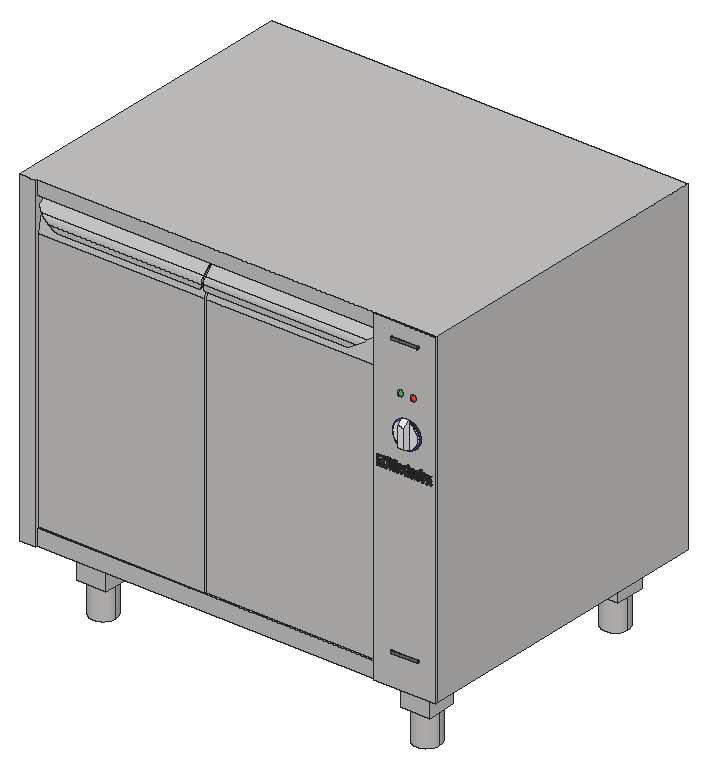
Revit family "QF_ELECTROLUXPROFESSIONAL_121831_TER2PE9", category Attrezzature speciali, Revit 2020
Family settings
  Quota connettore circolare = Usa diametro
  Tipo di parte = Normale
  Basato su piano di lavoro = No
  Sempre verticale = Sì
  Taglio con vuoti quando caricato = No
  Condiviso = No
  Punto di calcolo locali = No
Parameters (values of type "Standard")
  Weight = 30.00 kg
  Watts = 1600 W
  Volts = 230 V
  URL Manufacturer = "https://www.electroluxprofessional.com/"
  URL = "https://www.electroluxprofessional.com/"
  Steam Supply Size = 0 mm
  Steam Supply Minimum Pressure = 0.0 Pa
  Steam Supply Maximum Pressure = 0.0 Pa
  Steam Consumption per Hour = 0
  Refrigeration Suction Line Size = 0.0 mm
  Refrigeration Liquid Line Size = 0.0 mm
  Refrigerant Compressor Remote = yes
  Prospetto di default = 0.0 mm
  Phase = 1
  Modello = "TER2PE9"
  Produttore = "Electrolux Professional"
  Length Actual = 900.0 mm  # constant formula
  Item Number = "121831"
  Hot Water Size = 0 mm
  Height Actual = 860.0 mm  # constant formula
  HP = "2.1 HP"
  Gas Size = 0 mm
  Gas KW = 0
  Gas Input Pressure = 0 W
  Direct Waste Size = 0 mm
  Descrizione = "HOT CUPBOARD WITH 2 HINGED DOORS 900MM"
  Depth Actual = 680.0 mm  # constant formula
  Cycle = 50 Hz
  Condensate Return Size = 0 mm
  Compressed Air Volume = 0.0 L/s
  Compressed Air Size = 0 mm
  Compressed Air Pressure = 0.0 Pa
  Cold Water Size = 0 mm
  Accessory = yes
Reference planes
  plane 1 "Center (Front/Back)": y = 0
  plane 2: z = 0
  plane 3 "Center (Left/Right)": x = -300
  plane 4 "LEFT": x = -750
  plane 5 "RIGHT": x = 150
  plane 6 "BACK": y = 340
  plane 7 "FRONT": y = -340
  plane 8 "Base": z = 860
  plane 9 "TOP": z = 900
  plane 10: x = -650
  plane 11: x = 50
  plane 12: y = 270
  plane 13: y = -240
  plane 14 "FEET": z = 150
  plane 15: x = 152.5
  plane 16: x = -716
  plane 17: y = -337
  plane 18: y = 310
  plane 19: x = 16
  plane 20 "EIy": x = 118
  plane 21 "EIx": y = -90
Forms (mm)
  Extrusion 1, solid, material "QF_Finishes_Stainless Steel"
    sketch origin (0, 0, 150) x (-1, 0, 0) y (0, -1, 0)
      loop
        line (750, -340) -> (750, 340) -> (716, 340) -> (716, -340) -> (750, -340)
      loop
        line (-16, -340) -> (-16, 337) -> (-150, 337) -> (-150, -340) -> (-16, -340)
    from 0 to 710
  Extrusion 2, solid, material "QF_Finishes_Stainless Steel"
    sketch origin (0, 0, 150) x (-1, 0, 0) y (0, -1, 0)
      loop
        line (716, -310) -> (716, 337) -> (-16, 337) -> (-16, -310) -> (716, -310)
    from 0 to 35
  Extrusion 3, solid, material "QF_Finishes_Stainless Steel"
    sketch origin (0, 0, 0) x (1, 0, 0) y (0, 1, 0)
      loop
        line (-716, -337) -> (16, -337) -> (16, 340) -> (-716, 340) -> (-716, -337)
    from 830 to 860
  Extrusion 4, solid, material "QF_Finishes_Stainless Steel"
    sketch origin (0, 0, 150) x (-1, 0, 0) y (0, -1, 0)
      loop
        line (716, -340) -> (716, -310) -> (-16, -310) -> (-16, -340) -> (716, -340)
    from 680 to 0
  Extrusion 5, solid, material "QF_Finishes_Stainless Steel"
    sketch origin (0, -340, 0) x (-1, 0, 0) y (0, 0, 1)
      loop
        line (301, 185) -> (301, 187) -> (299, 187) -> (299, 185) -> (301, 185)
    from 45 to 43
  Extrusion 6, solid, material "QF_Finishes_Stainless Steel"
    sketch origin (0, 0, 150) x (-1, 0, 0) y (0, -1, 0)
      loop
        circle (-118, 90) r 10
    from 0 to -5
Cuts and joins
  joined: Extrusion 1, Extrusion 3, Extrusion 4
Lines and regions (mm)
  symbolic lines, style "SpecialityEquipmentHiddenLines"
    curve 1: line (150, 340, 900) -> (-750, 340, 900)
    curve 2: line (150, -340, 900) -> (150, 340, 900)
    curve 3: line (-750, -344.5, 150) -> (-750, 340, 150)
    curve 4: line (-750, -340, 150) -> (-716, -340, 150)
    curve 5: line (-716, -340, 150) -> (-716, -337, 150)
    curve 6: line (-716, -337, 150) -> (16, -337, 150)
    curve 7: line (16, -337, 150) -> (16, -340, 150)
    curve 8: line (16, -340, 150) -> (150, -340, 150)
Dimensions and locks
  plane 4 "LEFT" to plane 5 "RIGHT" = 900.0 mm
  equal spacing: plane 4 "LEFT", plane 3 "Center (Left/Right)", plane 5 "RIGHT"
  plane 6 "BACK" to plane 7 "FRONT" = 680.0 mm
  equal spacing: plane 6 "BACK", plane 1 "Center (Front/Back)", plane 7 "FRONT"
  locked: plane 14 "FEET" to level at 150
  locked: plane 4 "LEFT" to plane 10 at 100
  locked: plane 11 to plane 5 "RIGHT" at 100
  locked: plane 4 "LEFT" to plane 16 at 34
  plane 17 to plane 7 "FRONT" = 3.0 mm
  plane 6 "BACK" to plane 18 = 30.0 mm
  locked: plane 6 "BACK" to plane 12 at 70
  locked: plane 13 to plane 7 "FRONT" at 100
  locked: plane 8 "Base" to level at 860
  locked: plane 9 "TOP" to level at 900
  plane 19 to plane 5 "RIGHT" = 134.0 mm
  plane 20 "EIy" to plane 5 "RIGHT" = 32.0 mm
  plane 21 "EIx" to plane 7 "FRONT" = 250.0 mm
  aligned and locked: level to plane 2
  aligned and locked: plane 10 to nested 1
  aligned and locked: plane 11 to nested 2
  aligned and locked: nested 4 to plane 12
  aligned and locked: plane 10 to nested 3
  aligned and locked: nested 3 to plane 12
  aligned and locked: plane 8 "Base" to Extrusion 1
  aligned and locked: plane 6 "BACK" to Extrusion 1 sketch curve
  aligned and locked: Extrusion 1 sketch curve to plane 6 "BACK"
  aligned and locked: Extrusion 1 sketch curve to plane 7 "FRONT"
  aligned and locked: plane 16 to Extrusion 1
  aligned and locked: Extrusion 2 to plane 16
  aligned and locked: plane 8 "Base" to Extrusion 3
  aligned and locked: Extrusion 2 to plane 17
  aligned and locked: Extrusion 2 to plane 18
  aligned and locked: Extrusion 3 to plane 17
  aligned and locked: plane 16 to Extrusion 4 sketch curve
  aligned and locked: Extrusion 4 sketch curve to plane 6 "BACK"
  aligned and locked: Extrusion 4 sketch curve to plane 18
  aligned and locked: Extrusion 4 to Extrusion 3
  aligned and locked: Extrusion 4 to plane 14 "FEET"
  aligned and locked: plane 6 "BACK" to Extrusion 3
  aligned and locked: nested 1 to plane 13
  aligned and locked: nested 2 to plane 13
  aligned and locked: plane 19 to Extrusion 3
  aligned and locked: Extrusion 2 sketch curve to plane 19
Automatic sketch dimensions
  curve 2 to plane 5 "RIGHT" = 0.0 mm
  curve 2 to plane 7 "FRONT" = 0.0 mm
  curve 1 to plane 4 "LEFT" = 0.0 mm
  curve 1 to plane 6 "BACK" = 0.0 mm
  Extrusion 2 sketch curve to plane 16 = 0.0 mm
  plane 18 to Extrusion 2 sketch curve = 0.0 mm
  Extrusion 2 sketch curve to plane 17 = 0.0 mm
  curve 8 to plane 5 "RIGHT" = 0.0 mm
  curve 8 to plane 7 "FRONT" = 0.0 mm
  curve 6 to plane 16 = 0.0 mm
  curve 3 to plane 4 "LEFT" = 0.0 mm
  curve 3 to plane 6 "BACK" = 0.0 mm
  curve 6 to plane 17 = 0.0 mm
  curve 4 to plane 7 "FRONT" = 0.0 mm
  curve 4 to curve 3 = 4.5 mm
  Extrusion 3 sketch curve to plane 16 = 0.0 mm
  Extrusion 3 sketch curve to plane 17 = 0.0 mm
  Extrusion 3 sketch curve to plane 18 = 30.0 mm
  curve 8 to curve 8 = 134.0 mm
  Extrusion 3 sketch curve to plane 5 "RIGHT" = 134.0 mm
  Extrusion 4 sketch curve to plane 5 "RIGHT" = 134.0 mm
  Extrusion 1 sketch curve to plane 5 "RIGHT" = 0.0 mm
  Extrusion 1 sketch curve to plane 17 = 0.0 mm
  Extrusion 1 sketch curve to plane 16 = 0.0 mm
  Extrusion 1 sketch curve to plane 4 "LEFT" = 0.0 mm
  Extrusion 1 sketch curve to Extrusion 1 sketch curve = 134.0 mm
  Extrusion 5 sketch curve to plane 3 "Center (Left/Right)" = 1.0 mm
  Extrusion 5 sketch curve to Extrusion 5 sketch curve = 2.0 mm  (x2)
  plane 14 "FEET" to Extrusion 5 sketch curve = 35.0 mm
  Extrusion 6 sketch curve to plane 20 "EIy" = 0.0 mm
  Extrusion 6 sketch curve to plane 21 "EIx" = 0.0 mm
  radius of Extrusion 6 sketch curve = 10.0 mm
Nested families
  nested 1: "FEET_L63-150" at (-650, -240, 0), type "FEET_L63-150"
  nested 2: "FEET_L63-150" at (50, -240, 0), type "FEET_L63-150"
  nested 3: "FEET_L63-150" at (-650, 270, 0), type "FEET_L63-150"
  nested 4: "FEET_L63-150" at (50, 270, 0), type "FEET_L63-150"
  nested 5: "PANEL_ELX_HOTCUP_134" at (46.958, -337, 150) x (1, 0, 0) z (0, -1, 0), type "PANEL_ELX_HOTCUP_134"
    with Width 134.0 mm, Show Clearance yes
  nested 6: "H637_800_2DOORS" at (-313.958, -297, 150) x (-1, 0, 0) z (0, -1, 0), type "H637_800_2DOORS"
    with Width 800.0 mm, Show Clearance yes
Connectors
  electrical at (118, -90, 145), driven by "Volts"
    settings: on Extrusion 6, index 1, voltage 230 V, apparent load 0 VA, apparent load phase1 0 VA, apparent load phase2 0 VA, apparent load phase3 0 VA, power factor 1, load classification "Other", number of poles 1, system type 30, power factor state 1, is connector primary yes, connector utility no, sub classification motor no, connector description "Electrical Connection"
Definition of nested family "FEET_L63-150"
  Parameters
    Default Elevation = 0.0 mm
    FEET = 150.0 mm
  Reference planes
    plane 1 "Center (Front/Back)": y = 0
    plane 2: z = 0
    plane 3 "Center (Left/Right)": x = 0
    plane 4: z = 150
  Forms (mm)
    Extrusion 1, solid
      sketch origin (0, 0, 0) x (1, 0, 0) y (0, 1, 0)
        loop
          circle (0, 0) r 28
      from 0 to 67
    Extrusion 2, solid
      sketch origin (0, 0, 0) x (1, 0, 0) y (0, 1, 0)
        loop
          line (31.561, 31.5) -> (-31.439, 31.5) -> (-31.439, -31.5) -> (31.561, -31.5) -> (31.561, 31.5)
      from 67 to 150 <- "FEET"
  Lines and regions (mm)
    symbolic lines
      curve 1: line (0, -1.503, 0) -> (0, 1.508, 0)
      curve 2: line (1.561, 0, 0) -> (-1.439, 0, 0)
  Dimensions and locks
    "FEET": plane 4 to plane 2
    aligned and locked: level to plane 2
  Automatic sketch dimensions
    plane 1 "Center (Front/Back)" to Extrusion 1 sketch curve = 0.0 mm
    Extrusion 1 sketch curve to plane 3 "Center (Left/Right)" = 0.0 mm
    plane 1 "Center (Front/Back)" to curve 2 = 0.0 mm
    curve 1 to plane 3 "Center (Left/Right)" = 0.0 mm
    curve 2 to plane 3 "Center (Left/Right)" = 1.439 mm
    plane 3 "Center (Left/Right)" to curve 2 = 1.561 mm
    plane 1 "Center (Front/Back)" to curve 1 = 1.503 mm
    curve 1 to plane 1 "Center (Front/Back)" = 1.508 mm
    Extrusion 2 sketch curve to plane 1 "Center (Front/Back)" = 31.5 mm
    Extrusion 2 sketch curve to plane 3 "Center (Left/Right)" = 31.439 mm
    plane 3 "Center (Left/Right)" to Extrusion 2 sketch curve = 31.561 mm
    plane 1 "Center (Front/Back)" to Extrusion 2 sketch curve = 31.5 mm
    radius of Extrusion 1 sketch curve = 28.0 mm
Definition of nested family "PANEL_ELX_HOTCUP_134"
  Parameters
    Width [instance] = 134.0 mm
    Show Clearance [instance] = yes
    Model = "727995"
    Height = 710.0 mm
    Default Elevation = 0.0 mm
  Reference planes
    plane 1 "Center (Front/Back)": y = 0
    plane 2: z = 0
    plane 3 "Center (Left/Right)": x = 36.042
    plane 4 "panel": z = 3
    plane 5 "Left": x = -30.958
    plane 6 "Right": x = 103.042
    plane 7: y = 710
    plane 8 "L1": x = 26.042
    plane 9 "L2": x = 54.042
    plane 10: y = 575
  Forms (mm)
    Extrusion 1, solid
      sketch origin (0, -919.2, 0) x (1, 0, 0) y (0, 1, 0)
        loop
          line (-980.5, 2119.2) -> (-980.5, -162.846) -> (881.94, -162.846) -> (881.94, 2119.2) -> (-980.5, 2119.2)
      from 0 to -59.546
    Extrusion 2, solid
      sketch origin (36.042, -190, 0) x (0, 1, 0) y (0, 0, 1)
        loop
          line (190, 3) -> (190, 0) -> (900, 0) -> (900, 3) -> (190, 3)
      from 67 to -67
    Extrusion 3, solid
      sketch origin (0, 0, 0) x (1, 0, 0) y (0, 1, 0)
        loop
          line (9.042, 673.5) -> (63.042, 673.5)
          arc (63.042, 673.5) -> (66.042, 676.5) -> (63.042, 679.5) r 3
          line (63.042, 679.5) -> (9.042, 679.5)
          arc (9.042, 679.5) -> (6.042, 676.5) -> (9.042, 673.5) r 3
        loop
          line (9.042, 65) -> (63.042, 65)
          arc (63.042, 65) -> (66.042, 68) -> (63.042, 71) r 3
          line (63.042, 71) -> (9.042, 71)
          arc (9.042, 71) -> (6.042, 68) -> (9.042, 65) r 3
      from 3 to 4.6
    Extrusion 4, solid
      sketch origin (0, 0, 0) x (1, 0, 0) y (0, 1, 0)
        loop
          circle (40.042, 500) r 30
      from 0 to 5
    Extrusion 5, solid
      sketch origin (0, 0, 0) x (1, 0, 0) y (0, 1, 0)
        loop
          circle (40.042, 500) r 26.788
      from 7 to 5
    Blend 6, solid
      base sketch origin (0, 0, 0) x (1, 0, 0) y (0, 1, 0)
        loop
          arc (48.106, 530.45) -> (40.022, 531.5) -> (31.94, 530.44) r 31.5
          line (31.94, 530.44) -> (31.94, 474.458)
          arc (31.94, 474.458) -> (40.023, 473.209) -> (48.106, 474.454) r 26.815
          line (48.106, 474.454) -> (48.106, 530.45)
      top sketch origin (0, 0, 0) x (1, 0, 0) y (0, 1, 0)
        loop
          arc (47.007, 520.889) -> (40.042, 522.019) -> (33.077, 520.889) r 22.019
          line (33.077, 520.889) -> (33.077, 480.699)
          arc (33.077, 480.699) -> (40.042, 479.481) -> (47.007, 480.699) r 20.519
          line (47.007, 480.699) -> (47.007, 520.889)
      from 7 to 20
    Revolve 7, solid
      sketch origin (26.042, 0, 0) x (0, 1, 0) y (0, 0, 1)
        loop
          line (575, 3) -> (581, 3)
          arc (581, 3) -> (578.606, 5.908) -> (575, 7) r 6.5
          line (575, 7) -> (575, 3)
        axis (575, 7) -> (575, 3)
      angle from 0 to 360
    Revolve 8, solid
      sketch origin (54.042, 0, 0) x (0, 1, 0) y (0, 0, 1)
        loop
          line (575, 3) -> (581, 3)
          arc (581, 3) -> (578.606, 5.908) -> (575, 7) r 6.5
          line (575, 7) -> (575, 3)
        axis (575, 7) -> (575, 3)
      angle from 0 to 360
  Dimensions and locks
    plane 4 "panel" to level = 3.0 mm
    "Width": plane 5 "Left" to plane 6 "Right"
    equal spacing: plane 5 "Left", plane 3 "Center (Left/Right)", plane 6 "Right"
    "Height": plane 1 "Center (Front/Back)" to plane 7
    aligned and locked: plane 2 to Extrusion 1
    aligned and locked: level to Extrusion 1
    aligned and locked: plane 7 to Extrusion 2
    aligned and locked: plane 6 "Right" to Extrusion 2
    aligned and locked: Extrusion 2 to plane 5 "Left"
    aligned and locked: plane 1 "Center (Front/Back)" to Extrusion 2
  Automatic sketch dimensions
    Extrusion 1 sketch curve to Extrusion 1 sketch curve = 1862.44 mm
    Extrusion 1 sketch curve to Extrusion 1 sketch curve = 2282.046 mm
    Extrusion 2 sketch curve to plane 1 "Center (Front/Back)" = 0.0 mm
    Extrusion 2 sketch curve to level = 0.0 mm
    Extrusion 2 sketch curve to plane 7 = 0.0 mm
    Extrusion 2 sketch curve to plane 4 "panel" = 0.0 mm
    Extrusion 3 sketch curve to plane 8 "L1" = 17.0 mm  (x2)
    plane 9 "L2" to Extrusion 3 sketch curve = 9.0 mm  (x2)
    Extrusion 3 sketch curve to plane 1 "Center (Front/Back)" = 65.0 mm
    Extrusion 3 sketch curve to Extrusion 3 sketch curve = 3.0 mm  (x2)
    Extrusion 3 sketch curve to plane 7 = 36.5 mm
    plane 3 "Center (Left/Right)" to Extrusion 4 sketch curve = 4.0 mm
    Extrusion 4 sketch curve to plane 10 = 75.0 mm
    plane 3 "Center (Left/Right)" to Extrusion 5 sketch curve = 4.0 mm
    Extrusion 5 sketch curve to plane 10 = 75.0 mm
    Blend 6 sketch curve to plane 3 "Center (Left/Right)" = 4.102 mm
    plane 3 "Center (Left/Right)" to Blend 6 sketch curve = 3.988 mm
    Blend 6 sketch curve to Blend 6 sketch curve = 0.012 mm
    Blend 6 sketch curve to plane 9 "L2" = 5.936 mm
    Blend 6 sketch curve to plane 10 = 100.546 mm
    Blend 6 sketch curve to Blend 6 sketch curve = 0.004 mm
    Blend 6 sketch curve to Blend 6 sketch curve = 0.024 mm
    Blend 6 sketch curve to Blend 6 sketch curve = 30.416 mm
    Blend 6 sketch curve to Blend 6 sketch curve = 0.0 mm  (x2)
    Blend 6 sketch curve to plane 3 "Center (Left/Right)" = 2.965 mm
    plane 3 "Center (Left/Right)" to Blend 6 sketch curve = 4.0 mm
    Blend 6 sketch curve to plane 9 "L2" = 7.035 mm
    Blend 6 sketch curve to plane 10 = 94.301 mm
    Blend 6 sketch curve to Blend 6 sketch curve = 19.301 mm
    Blend 6 sketch curve to Blend 6 sketch curve = 20.889 mm
    Revolve 7 sketch curve to plane 4 "panel" = 0.0 mm
    Revolve 7 sketch curve to plane 10 = 0.0 mm  (x2)
    plane 10 to Revolve 7 sketch curve = 6.0 mm
    level to Revolve 7 sketch curve = 0.5 mm
    Revolve 7 sketch curve to Revolve 7 sketch curve = 0.57 mm
    Revolve 7 sketch curve to Revolve 7 sketch curve = 2.941 mm
    Revolve 8 sketch curve to plane 4 "panel" = 0.0 mm
    Revolve 8 sketch curve to plane 10 = 0.0 mm  (x2)
    plane 10 to Revolve 8 sketch curve = 6.0 mm
    level to Revolve 8 sketch curve = 0.5 mm
    Revolve 8 sketch curve to Revolve 8 sketch curve = 0.57 mm
    Revolve 8 sketch curve to Revolve 8 sketch curve = 2.941 mm
    radius of Extrusion 4 sketch curve = 30.0 mm
    radius of Extrusion 5 sketch curve = 26.788 mm
  Nested families
    nested 1: "ELX_Professional_Logo_Small" at (36.042, 430.35, 3), type "ELX_Professional_Logo_Small"
      with Show Logo yes, Material_Logo none
  Definition of nested family "ELX_Professional_Logo_Small"
    Parameters
      Show Logo [instance] = yes
      Material_Logo [instance] = none
      Default Elevation = 0.0 mm
    Reference planes
      plane 1 "Centro (Fronte/Retro)": y = 0
      plane 2: z = 0
      plane 3 "Centro (Sinistra/Destra)": x = 0
    Forms (mm)
      Extrusion 1, solid
        sketch origin (0, 0, 0) x (1, 0, 0) y (0, 1, 0)
          loop
            line (-1219.2, 1219.2) -> (-1219.2, -1219.2) -> (1219.2, -1219.2) -> (1219.2, 1219.2) -> (-1219.2, 1219.2)
        from 0 to -304.8
      Extrusion 2, solid, material <- "Material_Logo"
        sketch origin (15.5, 0, 0) x (1, 0, 0) y (0, 1, 0)
          loop
            spline (-42.99, -1.24) -> (-43.195, -1.231) -> (-43.415, -1.203) -> (-43.642, -1.152) -> (-43.87, -1.074) -> (-44.095, -0.966) -> (-44.309, -0.825) -> (-44.506, -0.647) -> (-44.681, -0.429) -> (-44.828, -0.167) -> (-44.94, 0.142) -> (-45.011, 0.501) -> (-45.037, 0.915)
            line (-45.037, 0.915) -> (-45.037, 2.748) -> (-38.984, 2.748) -> (-38.984, 5.086) -> (-45.038, 5.086) -> (-45.038, 8.489) -> (-38.599, 8.489) -> (-38.599, 10.82) -> (-47.515, 10.82) -> (-47.515, 1.021)
            spline (-47.515, 1.021) -> (-47.493, 0.418) -> (-47.425, -0.15) -> (-47.311, -0.682) -> (-47.15, -1.175) -> (-46.939, -1.628) -> (-46.678, -2.038) -> (-46.365, -2.404) -> (-46, -2.723) -> (-45.58, -2.995) -> (-45.105, -3.216) -> (-44.573, -3.385) -> (-43.983, -3.499)
            line (-43.983, -3.499) -> (-43.01, -3.569) -> (-38.426, -3.569) -> (-38.426, -1.24) -> (-42.99, -1.24)
          loop
            line (-36.666, 4.021) -> (-36.666, -3.573) -> (-34.188, -3.573) -> (-34.188, 10.824) -> (-36.666, 10.824) -> (-36.666, 4.021)
          loop
            spline (-21.915, 1.897) -> (-21.957, 2.615) -> (-22.082, 3.303) -> (-22.285, 3.955) -> (-22.563, 4.564) -> (-22.913, 5.124) -> (-23.331, 5.629) -> (-23.814, 6.074) -> (-24.359, 6.451) -> (-24.961, 6.755) -> (-25.618, 6.98) -> (-26.326, 7.119) -> (-27.081, 7.167)
            spline (-27.081, 7.167) -> (-27.853, 7.122) -> (-28.586, 6.99) -> (-29.275, 6.774) -> (-29.915, 6.478) -> (-30.5, 6.104) -> (-31.024, 5.657) -> (-31.483, 5.138) -> (-31.871, 4.553) -> (-32.182, 3.904) -> (-32.411, 3.194) -> (-32.552, 2.427) -> (-32.6, 1.606)
            spline (-32.6, 1.606) -> (-32.553, 0.805) -> (-32.416, 0.057) -> (-32.193, -0.637) -> (-31.887, -1.271) -> (-31.504, -1.843) -> (-31.048, -2.35) -> (-30.523, -2.788) -> (-29.934, -3.154) -> (-29.284, -3.444) -> (-28.579, -3.656) -> (-27.822, -3.785) -> (-27.019, -3.829)
            spline (-27.019, -3.829) -> (-26.627, -3.82) -> (-26.239, -3.79) -> (-25.856, -3.739) -> (-25.477, -3.663) -> (-25.103, -3.562) -> (-24.734, -3.432) -> (-24.369, -3.273) -> (-24.01, -3.082) -> (-23.655, -2.858) -> (-23.305, -2.597) -> (-22.96, -2.299) -> (-22.621, -1.962)
            line (-22.621, -1.962) -> (-24.114, -0.509)
            spline (-24.114, -0.509) -> (-24.311, -0.699) -> (-24.509, -0.872) -> (-24.71, -1.03) -> (-24.915, -1.172) -> (-25.126, -1.297) -> (-25.346, -1.407) -> (-25.576, -1.5) -> (-25.817, -1.576) -> (-26.072, -1.636) -> (-26.342, -1.678) -> (-26.629, -1.704) -> (-26.936, -1.713)
            spline (-26.936, -1.713) -> (-27.384, -1.691) -> (-27.805, -1.625) -> (-28.196, -1.518) -> (-28.556, -1.372) -> (-28.882, -1.187) -> (-29.174, -0.966) -> (-29.429, -0.71) -> (-29.645, -0.422) -> (-29.821, -0.102) -> (-29.955, 0.247) -> (-30.045, 0.623) -> (-30.089, 1.026)
            line (-30.089, 1.026) -> (-21.956, 1.026) -> (-21.915, 1.897)
          loop
            spline (-24.446, 2.769) -> (-24.47, 3.075) -> (-24.54, 3.37) -> (-24.654, 3.65) -> (-24.807, 3.913) -> (-24.996, 4.156) -> (-25.219, 4.376) -> (-25.472, 4.57) -> (-25.753, 4.736) -> (-26.057, 4.869) -> (-26.382, 4.968) -> (-26.724, 5.03) -> (-27.081, 5.051)
            spline (-27.081, 5.051) -> (-27.464, 5.03) -> (-27.832, 4.97) -> (-28.183, 4.872) -> (-28.513, 4.74) -> (-28.819, 4.577) -> (-29.099, 4.384) -> (-29.347, 4.165) -> (-29.563, 3.923) -> (-29.742, 3.659) -> (-29.881, 3.377) -> (-29.977, 3.079) -> (-30.027, 2.769)
            line (-30.027, 2.769) -> (-24.446, 2.769)
          loop
            spline (-18.167, 1.669) -> (-18.138, 2.13) -> (-18.055, 2.567) -> (-17.921, 2.978) -> (-17.739, 3.358) -> (-17.512, 3.705) -> (-17.243, 4.016) -> (-16.937, 4.287) -> (-16.596, 4.517) -> (-16.223, 4.7) -> (-15.823, 4.835) -> (-15.398, 4.919) -> (-14.951, 4.947)
            spline (-14.951, 4.947) -> (-14.677, 4.938) -> (-14.414, 4.913) -> (-14.162, 4.871) -> (-13.921, 4.812) -> (-13.69, 4.738) -> (-13.467, 4.649) -> (-13.254, 4.544) -> (-13.048, 4.424) -> (-12.85, 4.291) -> (-12.659, 4.143) -> (-12.474, 3.981) -> (-12.295, 3.806)
            line (-12.295, 3.806) -> (-10.76, 5.403)
            spline (-10.76, 5.403) -> (-11.065, 5.709) -> (-11.38, 5.984) -> (-11.703, 6.228) -> (-12.035, 6.443) -> (-12.375, 6.63) -> (-12.723, 6.788) -> (-13.078, 6.92) -> (-13.44, 7.026) -> (-13.809, 7.107) -> (-14.184, 7.164) -> (-14.564, 7.198) -> (-14.951, 7.209)
            spline (-14.951, 7.209) -> (-15.725, 7.161) -> (-16.467, 7.02) -> (-17.169, 6.792) -> (-17.826, 6.482) -> (-18.43, 6.096) -> (-18.976, 5.637) -> (-19.455, 5.112) -> (-19.862, 4.525) -> (-20.19, 3.882) -> (-20.433, 3.189) -> (-20.584, 2.449) -> (-20.635, 1.669)
            spline (-20.635, 1.669) -> (-20.584, 0.889) -> (-20.433, 0.149) -> (-20.19, -0.545) -> (-19.862, -1.187) -> (-19.455, -1.774) -> (-18.976, -2.299) -> (-18.43, -2.758) -> (-17.826, -3.145) -> (-17.169, -3.454) -> (-16.467, -3.682) -> (-15.725, -3.823) -> (-14.951, -3.871)
            spline (-14.951, -3.871) -> (-14.564, -3.86) -> (-14.184, -3.826) -> (-13.809, -3.77) -> (-13.44, -3.689) -> (-13.078, -3.583) -> (-12.723, -3.451) -> (-12.375, -3.292) -> (-12.035, -3.105) -> (-11.703, -2.89) -> (-11.38, -2.646) -> (-11.065, -2.371) -> (-10.76, -2.066)
            line (-10.76, -2.066) -> (-12.295, -0.468)
            spline (-12.295, -0.468) -> (-12.474, -0.643) -> (-12.659, -0.805) -> (-12.85, -0.953) -> (-13.048, -1.087) -> (-13.254, -1.206) -> (-13.467, -1.311) -> (-13.69, -1.4) -> (-13.921, -1.475) -> (-14.162, -1.533) -> (-14.414, -1.575) -> (-14.677, -1.6) -> (-14.951, -1.609)
            spline (-14.951, -1.609) -> (-15.398, -1.581) -> (-15.823, -1.497) -> (-16.223, -1.362) -> (-16.596, -1.179) -> (-16.937, -0.95) -> (-17.243, -0.678) -> (-17.512, -0.367) -> (-17.739, -0.02) -> (-17.921, 0.36) -> (-18.055, 0.771) -> (-18.138, 1.208) -> (-18.167, 1.669)
          loop
            spline (-4.441, -1.243) -> (-4.659, -1.247) -> (-4.894, -1.23) -> (-5.137, -1.19) -> (-5.384, -1.121) -> (-5.628, -1.021) -> (-5.864, -0.884) -> (-6.084, -0.708) -> (-6.283, -0.488) -> (-6.454, -0.219) -> (-6.592, 0.101) -> (-6.69, 0.478) -> (-6.742, 0.914)
            line (-6.742, 0.914) -> (-6.742, 4.587) -> (-4.487, 4.587) -> (-4.487, 6.838) -> (-6.738, 6.838) -> (-6.738, 10.824) -> (-9.217, 10.824) -> (-9.217, 0.773)
            spline (-9.217, 0.773) -> (-9.164, 0.19) -> (-9.068, -0.358) -> (-8.928, -0.87) -> (-8.742, -1.343) -> (-8.511, -1.777) -> (-8.232, -2.168) -> (-7.904, -2.515) -> (-7.527, -2.816) -> (-7.098, -3.069) -> (-6.618, -3.273) -> (-6.084, -3.426) -> (-5.496, -3.525)
            line (-5.496, -3.525) -> (-4.45, -3.573) -> (-4.441, -1.243)
          loop
            spline (3.898, 6.983) -> (3.469, 7.009) -> (3.056, 7.001) -> (2.661, 6.961) -> (2.283, 6.888) -> (1.925, 6.785) -> (1.588, 6.652) -> (1.272, 6.49) -> (0.979, 6.301) -> (0.71, 6.085) -> (0.465, 5.844) -> (0.247, 5.578) -> (0.056, 5.289)
            line (0.056, 5.289) -> (0.056, 6.838) -> (-2.402, 6.838) -> (-2.402, -3.572) -> (0.056, -3.572) -> (0.056, 1.901)
            spline (0.056, 1.901) -> (0.079, 2.316) -> (0.145, 2.703) -> (0.254, 3.06) -> (0.404, 3.386) -> (0.592, 3.679) -> (0.818, 3.938) -> (1.08, 4.162) -> (1.375, 4.348) -> (1.703, 4.495) -> (2.062, 4.602) -> (2.45, 4.668) -> (2.865, 4.69)
            line (2.865, 4.69) -> (3.898, 4.586) -> (3.898, 6.983)
          loop
            spline (15.638, 1.633) -> (15.586, 2.396) -> (15.435, 3.124) -> (15.192, 3.81) -> (14.863, 4.449) -> (14.455, 5.034) -> (13.975, 5.56) -> (13.43, 6.021) -> (12.826, 6.411) -> (12.17, 6.724) -> (11.469, 6.955) -> (10.729, 7.098) -> (9.958, 7.147)
            spline (9.958, 7.147) -> (9.182, 7.098) -> (8.44, 6.955) -> (7.737, 6.724) -> (7.081, 6.411) -> (6.477, 6.021) -> (5.933, 5.56) -> (5.454, 5.034) -> (5.048, 4.449) -> (4.721, 3.81) -> (4.479, 3.124) -> (4.329, 2.396) -> (4.277, 1.633)
            spline (4.277, 1.633) -> (4.329, 0.869) -> (4.479, 0.141) -> (4.721, -0.544) -> (5.048, -1.183) -> (5.454, -1.768) -> (5.933, -2.294) -> (6.477, -2.755) -> (7.081, -3.145) -> (7.737, -3.459) -> (8.44, -3.69) -> (9.182, -3.833) -> (9.958, -3.882)
            spline (9.958, -3.882) -> (10.729, -3.833) -> (11.469, -3.69) -> (12.17, -3.459) -> (12.826, -3.145) -> (13.43, -2.755) -> (13.975, -2.294) -> (14.455, -1.768) -> (14.863, -1.183) -> (15.192, -0.544) -> (15.435, 0.141) -> (15.586, 0.869) -> (15.638, 1.633)
          loop
            spline (13.18, 1.633) -> (13.151, 2.083) -> (13.067, 2.513) -> (12.932, 2.918) -> (12.748, 3.296) -> (12.52, 3.642) -> (12.251, 3.954) -> (11.943, 4.227) -> (11.601, 4.459) -> (11.228, 4.645) -> (10.828, 4.782) -> (10.403, 4.867) -> (9.958, 4.896)
            spline (9.958, 4.896) -> (9.509, 4.867) -> (9.081, 4.782) -> (8.679, 4.645) -> (8.306, 4.459) -> (7.964, 4.227) -> (7.658, 3.954) -> (7.39, 3.642) -> (7.163, 3.296) -> (6.981, 2.918) -> (6.847, 2.513) -> (6.765, 2.083) -> (6.736, 1.633)
            spline (6.736, 1.633) -> (6.765, 1.182) -> (6.847, 0.753) -> (6.981, 0.347) -> (7.163, -0.031) -> (7.39, -0.377) -> (7.658, -0.689) -> (7.964, -0.962) -> (8.306, -1.193) -> (8.679, -1.38) -> (9.081, -1.517) -> (9.509, -1.602) -> (9.958, -1.631)
            spline (9.958, -1.631) -> (10.403, -1.602) -> (10.828, -1.517) -> (11.228, -1.38) -> (11.601, -1.193) -> (11.943, -0.962) -> (12.251, -0.689) -> (12.52, -0.377) -> (12.748, -0.031) -> (12.932, 0.347) -> (13.067, 0.753) -> (13.151, 1.182) -> (13.18, 1.633)
          loop
            line (17.162, 4.269) -> (17.162, -3.573) -> (19.642, -3.573) -> (19.642, 10.824) -> (17.162, 10.824) -> (17.162, 4.269)
          loop
            line (28.581, 6.838) -> (28.581, 0.786)
            spline (28.581, 0.786) -> (28.561, 0.393) -> (28.503, 0.038) -> (28.409, -0.279) -> (28.281, -0.559) -> (28.122, -0.802) -> (27.933, -1.011) -> (27.717, -1.185) -> (27.476, -1.325) -> (27.213, -1.433) -> (26.929, -1.509) -> (26.626, -1.554) -> (26.308, -1.569)
            spline (26.308, -1.569) -> (25.99, -1.554) -> (25.688, -1.509) -> (25.404, -1.434) -> (25.141, -1.326) -> (24.9, -1.187) -> (24.684, -1.014) -> (24.496, -0.807) -> (24.336, -0.565) -> (24.209, -0.288) -> (24.115, 0.026) -> (24.057, 0.376) -> (24.037, 0.765)
            line (24.037, 0.765) -> (24.037, 6.838) -> (21.537, 6.838) -> (21.537, 0.558)
            spline (21.537, 0.558) -> (21.581, -0.153) -> (21.71, -0.8) -> (21.916, -1.384) -> (22.195, -1.904) -> (22.54, -2.362) -> (22.944, -2.757) -> (23.403, -3.09) -> (23.909, -3.362) -> (24.456, -3.572) -> (25.04, -3.722) -> (25.652, -3.811) -> (26.288, -3.841)
            spline (26.288, -3.841) -> (26.929, -3.811) -> (27.547, -3.72) -> (28.135, -3.568) -> (28.687, -3.355) -> (29.197, -3.079) -> (29.66, -2.741) -> (30.068, -2.341) -> (30.415, -1.877) -> (30.696, -1.349) -> (30.905, -0.757) -> (31.034, -0.101) -> (31.079, 0.621)
            line (31.079, 0.621) -> (31.079, 6.838) -> (28.581, 6.838)
          loop
            line (40.457, -0.243) -> (38.894, 1.942) -> (40.83, 4.579) -> (42.488, 6.837) -> (39.782, 6.837) -> (37.53, 3.719) -> (35.258, 6.837) -> (32.573, 6.837) -> (34.113, 4.731) -> (36.167, 1.922) -> (34.014, -1.076) -> (32.222, -3.573) -> (34.887, -3.573) -> (37.53, 0.104) -> (40.174, -3.573) -> (42.839, -3.573) -> (40.457, -0.243)
          loop
            line (-46.121, -5.837) -> (-48.039, -5.837) -> (-48.039, -10.814) -> (-47.016, -10.814) -> (-47.016, -9.128) -> (-46.121, -9.128)
            arc (-46.121, -9.128) -> (-44.476, -7.482) -> (-46.121, -5.837) r 1.645
          loop
            line (-46.163, -6.778) -> (-47.016, -6.778) -> (-47.016, -8.187) -> (-46.163, -8.187)
            arc (-46.163, -8.187) -> (-45.458, -7.482) -> (-46.163, -6.778) r 0.704
          loop
            line (-38.313, -5.837) -> (-40.265, -5.837) -> (-40.265, -10.814) -> (-39.241, -10.814) -> (-39.241, -9.1) -> (-38.46, -9.182) -> (-37.48, -10.814) -> (-36.318, -10.814) -> (-37.513, -8.848)
            arc (-37.513, -8.848) -> (-36.888, -8.266) -> (-36.671, -7.441) r 1.536
            arc (-36.671, -7.441) -> (-37.165, -6.305) -> (-38.313, -5.837) r 1.643
          loop
            arc (-38.402, -8.166) -> (-37.707, -7.505) -> (-38.334, -6.778) r 0.696
            line (-38.334, -6.778) -> (-39.241, -6.778) -> (-39.241, -8.166) -> (-38.402, -8.166)
          loop
            circle (-29.965, -8.325) r 2.585
          loop
            circle (-29.965, -8.325) r 1.64
          loop
            line (-23.1, -5.837) -> (-23.1, -10.814) -> (-22.076, -10.814) -> (-22.076, -8.768) -> (-20.204, -8.768) -> (-20.204, -7.828) -> (-22.076, -7.828) -> (-22.076, -6.778) -> (-20.024, -6.778) -> (-20.024, -5.837) -> (-23.1, -5.837)
          loop
            line (-15.802, -5.837) -> (-15.802, -9.2)
            arc (-15.802, -9.2) -> (-15.343, -10.34) -> (-14.209, -10.814) r 1.593
            line (-14.209, -10.814) -> (-12.602, -10.814) -> (-12.602, -10.027) -> (-14.004, -10.027)
            arc (-14.004, -10.027) -> (-14.552, -9.8) -> (-14.779, -9.252) r 0.775
            line (-14.779, -9.252) -> (-14.779, -8.424) -> (-12.789, -8.424) -> (-12.789, -7.642) -> (-14.779, -7.642) -> (-14.779, -6.778) -> (-12.651, -6.778) -> (-12.651, -5.837) -> (-15.802, -5.837)
          loop
            line (-5.909, -7.143) -> (-5.173, -6.638)
            arc (-5.173, -6.638) -> (-5.855, -5.974) -> (-6.781, -5.755) r 1.782
            arc (-6.781, -5.755) -> (-7.397, -5.878) -> (-7.944, -6.189) r 1.974
            arc (-7.944, -6.189) -> (-8.202, -6.5) -> (-8.317, -6.888) r 1.013
            arc (-8.317, -6.888) -> (-8.306, -7.341) -> (-8.192, -7.78) r 1.985
            arc (-8.192, -7.78) -> (-7.749, -8.259) -> (-7.171, -8.563) r 1.928
            arc (-7.171, -8.563) -> (-6.637, -8.779) -> (-6.131, -9.056) r 5.041
            arc (-6.131, -9.056) -> (-5.934, -9.387) -> (-6.09, -9.74) r 0.42
            arc (-6.09, -9.74) -> (-6.631, -9.96) -> (-7.204, -9.845) r 1.016
            arc (-7.204, -9.845) -> (-7.625, -9.603) -> (-7.889, -9.196) r 1.033
            line (-7.889, -9.196) -> (-8.67, -9.686)
            arc (-8.67, -9.686) -> (-8.361, -10.198) -> (-7.908, -10.589) r 1.914
            arc (-7.908, -10.589) -> (-7.334, -10.834) -> (-6.714, -10.896) r 2.063
            arc (-6.714, -10.896) -> (-5.947, -10.743) -> (-5.256, -10.376) r 2.696
            arc (-5.256, -10.376) -> (-4.95, -9.565) -> (-5.108, -8.712) r 1.618
            arc (-5.108, -8.712) -> (-5.448, -8.319) -> (-5.884, -8.035) r 1.876
            arc (-5.884, -8.035) -> (-6.434, -7.789) -> (-6.999, -7.577) r 9.883
            arc (-6.999, -7.577) -> (-7.325, -7.07) -> (-6.854, -6.694) r 0.45
            arc (-6.854, -6.694) -> (-6.329, -6.809) -> (-5.909, -7.143) r 1.197
          loop
            line (1.61, -7.143) -> (2.345, -6.638)
            arc (2.345, -6.638) -> (1.663, -5.974) -> (0.737, -5.755) r 1.782
            arc (0.737, -5.755) -> (0.121, -5.878) -> (-0.425, -6.189) r 1.974
            arc (-0.425, -6.189) -> (-0.683, -6.5) -> (-0.799, -6.888) r 1.013
            arc (-0.799, -6.888) -> (-0.788, -7.341) -> (-0.674, -7.78) r 1.985
            arc (-0.674, -7.78) -> (-0.231, -8.259) -> (0.347, -8.563) r 1.928
            arc (0.347, -8.563) -> (0.881, -8.779) -> (1.387, -9.056) r 5.041
            arc (1.387, -9.056) -> (1.584, -9.387) -> (1.428, -9.74) r 0.42
            arc (1.428, -9.74) -> (0.887, -9.96) -> (0.314, -9.845) r 1.016
            arc (0.314, -9.845) -> (-0.107, -9.603) -> (-0.371, -9.196) r 1.033
            line (-0.371, -9.196) -> (-1.152, -9.686)
            arc (-1.152, -9.686) -> (-0.842, -10.198) -> (-0.39, -10.589) r 1.914
            arc (-0.39, -10.589) -> (0.184, -10.834) -> (0.804, -10.896) r 2.063
            arc (0.804, -10.896) -> (1.572, -10.743) -> (2.263, -10.376) r 2.696
            arc (2.263, -10.376) -> (2.568, -9.565) -> (2.411, -8.712) r 1.618
            arc (2.411, -8.712) -> (2.07, -8.319) -> (1.635, -8.035) r 1.876
            arc (1.635, -8.035) -> (1.084, -7.789) -> (0.519, -7.577) r 9.883
            arc (0.519, -7.577) -> (0.193, -7.07) -> (0.665, -6.694) r 0.45
            arc (0.665, -6.694) -> (1.189, -6.809) -> (1.61, -7.143) r 1.197
          loop
            line (6.801, -5.837) -> (6.801, -10.814) -> (7.825, -10.814) -> (7.825, -5.837) -> (6.801, -5.837)
          loop
            circle (14.724, -8.325) r 1.548
          loop
            circle (14.724, -8.325) r 2.585
          loop
            line (21.59, -10.814) -> (22.623, -10.814) -> (22.623, -7.685) -> (24.9, -10.814) -> (25.895, -10.814) -> (25.895, -5.837) -> (24.861, -5.837) -> (24.861, -9.061) -> (22.585, -5.837) -> (21.59, -5.837) -> (21.59, -10.814)
          loop
            line (31.054, -10.814) -> (31.539, -9.74) -> (33.38, -9.74) -> (33.865, -10.814) -> (34.965, -10.814) -> (32.46, -5.837) -> (29.956, -10.814) -> (31.054, -10.814)
          loop
            line (32.46, -7.698) -> (31.999, -8.719) -> (32.921, -8.719) -> (32.46, -7.698)
          loop
            line (40.047, -9.873) -> (40.047, -5.837) -> (39.024, -5.837) -> (39.024, -10.814) -> (41.961, -10.814) -> (41.961, -9.873) -> (40.047, -9.873)
          loop
            line (-74.986, -10.814) -> (-53.322, -10.814) -> (-53.322, 10.82) -> (-74.986, 10.82) -> (-74.986, -10.814)
          loop
            line (-61.261, 9.758) -> (-61.261, -9.707)
            arc (-61.261, -9.707) -> (-54.066, 0.025) -> (-61.261, 9.758) r 10.18
          loop
            line (-62.251, 8.349) -> (-62.251, 9.758)
            arc (-62.251, 9.758) -> (-70.347, 7.918) -> (-74.247, 0.59) r 9.976
            line (-74.247, 0.59) -> (-71.026, 0.59)
            arc (-71.026, 0.59) -> (-65.274, 2.925) -> (-62.251, 8.349) r 9.351
          loop
            arc (-74.247, -0.539) -> (-70.353, -7.928) -> (-62.251, -9.957) r 10.237
            line (-62.251, -9.957) -> (-62.251, -8.298)
            arc (-62.251, -8.298) -> (-65.274, -2.874) -> (-71.026, -0.539) r 9.351
            line (-71.026, -0.539) -> (-74.247, -0.539)
        from 0 to 1.644
    Dimensions and locks
      aligned and locked: plane 2 to Extrusion 1
      aligned and locked: level to Extrusion 1
Definition of nested family "H637_800_2DOORS"
  Parameters
    Width [instance] = 800.0 mm
    Show Clearance [instance] = yes
    Model = "727995"
    Height = 710.0 mm
    Default Elevation = 0.0 mm
  Reference planes
    plane 1 "Center (Front/Back)": y = 0
    plane 2: z = 0
    plane 3 "Center (Left/Right)": x = 36.042
    plane 4 "panel": z = 25
    plane 5 "Left": x = -363.958
    plane 6 "Right": x = 436.042
    plane 7: y = 710
    plane 8: z = 45
    plane 9: x = 399.042
    plane 10: x = -326.958
    plane 11: y = 672
    plane 12: y = 38
    plane 13: z = 403
    plane 14: x = 33.762
    plane 15: x = 38.322
  Forms (mm)
    Extrusion 1, solid
      sketch origin (0, -919.2, 0) x (1, 0, 0) y (0, 1, 0)
        loop
          line (-980.5, 2119.2) -> (-980.5, -162.846) -> (881.94, -162.846) -> (881.94, 2119.2) -> (-980.5, 2119.2)
      from 0 to -59.546
    Extrusion 2, solid
      sketch origin (36.042, -219.693, 0) x (0, 1, 0) y (0, 0, 1)
        loop
          line (848.63, 49.734) -> (848.63, 47.734) -> (858.98, 47.734)
          arc (858.98, 47.734) -> (865.586, 46.42) -> (871.186, 42.679) r 17.261
          line (871.186, 42.679) -> (888.019, 25.845) -> (891.693, 25) -> (872.6, 44.093)
          arc (872.6, 44.093) -> (866.351, 48.268) -> (858.98, 49.734) r 19.261
          line (858.98, 49.734) -> (848.63, 49.734)
      from 2.28 to 363
    Extrusion 3, void
      sketch origin (0, -219.693, 25) x (1, 0, 0) y (0, 1, 0)
        loop
          line (404.066, 839.859) -> (404.066, 882.225) -> (399.042, 882.225)
          arc (399.042, 882.225) -> (398.688, 880.688) -> (397.873, 879.339) r 5
          line (397.873, 879.339) -> (355.197, 850.51)
          arc (355.197, 850.51) -> (352.266, 849.11) -> (349.054, 848.63) r 10.974
          line (349.054, 848.63) -> (43.082, 848.63)
          arc (43.082, 848.63) -> (39.716, 850.024) -> (38.322, 853.39) r 4.76
          line (38.322, 853.39) -> (38.322, 839.859) -> (404.066, 839.859)
      from 0 to 27.674
    Extrusion 4, solid
      sketch origin (36.042, -190, 0) x (0, 1, 0) y (0, 0, 1)
        loop
          line (228, 40) -> (228, 0) -> (862, 0) -> (862, 25) -> (796.797, 40) -> (228, 40)
      from 363 to 2.28
    Extrusion 5, solid
      sketch origin (36.042, -219.693, 0) x (0, 1, 0) y (0, 0, -1)
        loop
          line (848.63, -49.734) -> (858.98, -49.734)
          arc (858.98, -49.734) -> (866.351, -48.268) -> (872.6, -44.093) r 19.261
          line (872.6, -44.093) -> (891.693, -25) -> (888.019, -25.845) -> (871.186, -42.679)
          arc (871.186, -42.679) -> (865.586, -46.42) -> (858.98, -47.734) r 17.261
          line (858.98, -47.734) -> (848.63, -47.734) -> (848.63, -49.734)
      from 2.28 to 363
    Extrusion 6, void
      sketch origin (72.084, -219.693, 25) x (-1, 0, 0) y (0, -1, 0)
        loop
          line (404.066, -839.859) -> (38.322, -839.859) -> (38.322, -853.39)
          arc (38.322, -853.39) -> (39.716, -850.024) -> (43.082, -848.63) r 4.76
          line (43.082, -848.63) -> (349.054, -848.63)
          arc (349.054, -848.63) -> (352.266, -849.11) -> (355.197, -850.51) r 10.974
          line (355.197, -850.51) -> (397.873, -879.339)
          arc (397.873, -879.339) -> (398.688, -880.688) -> (399.042, -882.225) r 5
          line (399.042, -882.225) -> (404.066, -882.225) -> (404.066, -839.859)
      from 0 to 27.674
    Extrusion 7, solid
      sketch origin (36.042, -190, 0) x (0, 1, 0) y (0, 0, -1)
        loop
          line (228, -40) -> (796.797, -40) -> (862, -25) -> (862, 0) -> (228, 0) -> (228, -40)
      from 363 to 2.28
    Extrusion 8, solid, detail levels coarse
      sketch origin (0, 0, 0) x (1, 0, 0) y (0, 0, 1)
        loop
          arc (33.762, 49.734) -> (-69.613, 304.977) -> (-326.958, 403) r 344.617
          line (-326.958, 403) -> (-326.958, 49.734) -> (33.762, 49.734)
        loop
          line (38.322, 49.734) -> (399.042, 49.734) -> (399.042, 403)
          arc (399.042, 403) -> (141.697, 304.977) -> (38.322, 49.734) r 344.617
      from -672 to -38
  Cuts and joins
    Extrusion 3, Extrusion 6 cuts Extrusion 2
    Extrusion 6 cuts Extrusion 4
    Extrusion 6 cuts Extrusion 5
  Lines and regions (mm)
    symbolic lines
      curve 1: line (399.042, 0, 40) -> (399.042, 0, 403)
      curve 2: line (367.735, 0, 49.734) -> (38.322, 0, 49.734)
      curve 3: spline (387.459, 0, 44.389) -> (385.921, 0, 45.265) -> (384.356, 0, 46.066) -> (382.765, 0, 46.791) -> (381.151, 0, 47.437) -> (379.517, 0, 48.005) -> (377.865, 0, 48.493) -> (376.198, 0, 48.9) -> (374.519, 0, 49.226) -> (372.831, 0, 49.471) -> (371.136, 0, 49.633) -> (369.436, 0, 49.712) -> (367.736, 0, 49.71)
      curve 4: line (393.956, 0, 40) -> (387.459, 0, 44.389)
      curve 5: arc (38.322, 0, 49.734) -> (141.697, 0, 304.977) -> (399.042, 0, 403) r 344.617
      curve 6: arc (33.762, 0, 49.734) -> (-69.613, 0, 304.977) -> (-326.958, 0, 403) r 344.617
      curve 7: line (-326.958, 0, 403) -> (-326.958, 0, 40)
      curve 8: spline (-315.375, 0, 44.389) -> (-313.837, 0, 45.265) -> (-312.272, 0, 46.066) -> (-310.681, 0, 46.791) -> (-309.067, 0, 47.437) -> (-307.433, 0, 48.005) -> (-305.781, 0, 48.493) -> (-304.114, 0, 48.9) -> (-302.435, 0, 49.226) -> (-300.747, 0, 49.471) -> (-299.052, 0, 49.633) -> (-297.352, 0, 49.712) -> (-295.652, 0, 49.71)
      curve 9: line (-321.872, 0, 40) -> (-315.375, 0, 44.389)
      curve 10: line (33.762, 0, 49.734) -> (33.762, 0, 40)
      curve 11: line (38.322, 0, 40) -> (38.322, 0, 49.734)
      curve 12: line (33.762, 0, 49.734) -> (-296.238, 0, 49.734)
  Dimensions and locks
    plane 4 "panel" to level = 25.0 mm
    "Width": plane 5 "Left" to plane 6 "Right"
    equal spacing: plane 5 "Left", plane 3 "Center (Left/Right)", plane 6 "Right"
    "Height": plane 1 "Center (Front/Back)" to plane 7
    plane 9 to plane 6 "Right" = 37.0 mm
    plane 5 "Left" to plane 10 = 37.0 mm
    plane 7 to plane 11 = 38.0 mm
    plane 1 "Center (Front/Back)" to plane 12 = 38.0 mm
    plane 10 to plane 9 = 726.0 mm
    aligned and locked: plane 2 to Extrusion 1
    aligned and locked: level to Extrusion 1
    aligned and locked: plane 9 to Extrusion 2
    aligned and locked: plane 9 to Extrusion 4
  Automatic sketch dimensions
    Extrusion 1 sketch curve to Extrusion 1 sketch curve = 1862.44 mm
    Extrusion 1 sketch curve to Extrusion 1 sketch curve = 2282.046 mm
    Extrusion 2 sketch curve to Extrusion 2 sketch curve = 0.0 mm  (x2)
    Extrusion 2 sketch curve to plane 4 "panel" = 0.0 mm
    Extrusion 2 sketch curve to plane 11 = 0.0 mm
    plane 4 "panel" to Extrusion 2 sketch curve = 0.845 mm
    Extrusion 2 sketch curve to plane 11 = 3.674 mm
    Extrusion 2 sketch curve to plane 8 = 0.907 mm
    Extrusion 2 sketch curve to plane 11 = 19.093 mm
    Extrusion 2 sketch curve to plane 8 = 2.321 mm
    Extrusion 2 sketch curve to Extrusion 2 sketch curve = 1.414 mm
    plane 4 "panel" to Extrusion 2 sketch curve = 5.474 mm
    Extrusion 2 sketch curve to Extrusion 2 sketch curve = 12.205 mm
    Extrusion 2 sketch curve to Extrusion 2 sketch curve = 10.351 mm
    Extrusion 4 sketch curve to plane 12 = 0.0 mm
    Extrusion 4 sketch curve to plane 4 "panel" = 0.0 mm
    Extrusion 4 sketch curve to plane 11 = 0.0 mm
    Extrusion 4 sketch curve to level = 0.0 mm
    Extrusion 4 sketch curve to plane 8 = 5.0 mm
    Extrusion 4 sketch curve to plane 11 = 65.203 mm
    Extrusion 5 sketch curve to Extrusion 5 sketch curve = 0.0 mm  (x2)
    Extrusion 5 sketch curve to plane 4 "panel" = 0.0 mm
    Extrusion 5 sketch curve to plane 11 = 0.0 mm
    plane 4 "panel" to Extrusion 5 sketch curve = 0.845 mm
    Extrusion 5 sketch curve to plane 11 = 3.674 mm
    Extrusion 5 sketch curve to plane 8 = 0.907 mm
    Extrusion 5 sketch curve to plane 11 = 19.093 mm
    Extrusion 5 sketch curve to plane 8 = 2.321 mm
    Extrusion 5 sketch curve to Extrusion 5 sketch curve = 1.414 mm
    plane 4 "panel" to Extrusion 5 sketch curve = 5.474 mm
    Extrusion 5 sketch curve to Extrusion 5 sketch curve = 12.205 mm
    Extrusion 5 sketch curve to Extrusion 5 sketch curve = 10.351 mm
    Extrusion 6 sketch curve to plane 14 = 0.0 mm
    Extrusion 6 sketch curve to plane 10 = 0.0 mm
    Extrusion 6 sketch curve to plane 14 = 4.76 mm
    plane 10 to Extrusion 6 sketch curve = 49.988 mm
    Extrusion 6 sketch curve to Extrusion 6 sketch curve = 6.143 mm
    plane 10 to Extrusion 6 sketch curve = 4.988 mm
    plane 10 to Extrusion 6 sketch curve = 1.169 mm
    Extrusion 6 sketch curve to plane 10 = 5.024 mm
    plane 11 to Extrusion 6 sketch curve = 51.834 mm
    Extrusion 6 sketch curve to Extrusion 6 sketch curve = 8.771 mm
    Extrusion 6 sketch curve to Extrusion 6 sketch curve = 1.88 mm
    plane 11 to Extrusion 6 sketch curve = 12.354 mm
    Extrusion 6 sketch curve to Extrusion 6 sketch curve = 2.886 mm
    Extrusion 7 sketch curve to plane 12 = 0.0 mm
    Extrusion 7 sketch curve to plane 4 "panel" = 0.0 mm
    Extrusion 7 sketch curve to plane 11 = 0.0 mm
    Extrusion 7 sketch curve to level = 0.0 mm
    Extrusion 7 sketch curve to plane 8 = 5.0 mm
    Extrusion 7 sketch curve to plane 11 = 65.203 mm
    Extrusion 3 sketch curve to plane 15 = 0.0 mm
    Extrusion 3 sketch curve to plane 9 = 0.0 mm
    Extrusion 3 sketch curve to Extrusion 3 sketch curve = 4.76 mm
    Extrusion 3 sketch curve to plane 9 = 49.988 mm
    Extrusion 3 sketch curve to Extrusion 3 sketch curve = 6.143 mm
    Extrusion 3 sketch curve to plane 9 = 4.988 mm
    Extrusion 3 sketch curve to plane 9 = 1.169 mm
    plane 9 to Extrusion 3 sketch curve = 5.024 mm
    Extrusion 3 sketch curve to plane 11 = 51.834 mm
    Extrusion 3 sketch curve to Extrusion 3 sketch curve = 8.771 mm
    Extrusion 3 sketch curve to Extrusion 3 sketch curve = 1.88 mm
    Extrusion 3 sketch curve to plane 11 = 12.354 mm
    Extrusion 3 sketch curve to Extrusion 3 sketch curve = 2.886 mm
    plane 10 to Extrusion 8 sketch curve = 0.0 mm
    plane 14 to Extrusion 8 sketch curve = 0.0 mm
    Extrusion 8 sketch curve to plane 15 = 0.0 mm
    Extrusion 8 sketch curve to plane 9 = 0.0 mm
    Extrusion 8 sketch curve to plane 13 = 0.0 mm  (x2)
    plane 8 to Extrusion 8 sketch curve = 13.765 mm  (x2)
    Extrusion 8 sketch curve to Extrusion 8 sketch curve = 16.222 mm  (x2)
    plane 10 to curve 7 = 0.0 mm
    plane 14 to curve 10 = 0.0 mm
    curve 11 to plane 15 = 0.0 mm
    curve 5 to plane 9 = 0.0 mm
    curve 5 to plane 13 = 0.0 mm
    curve 6 to plane 13 = 0.0 mm
    curve 9 to plane 8 = 0.611 mm
    curve 9 to plane 10 = 11.583 mm
    plane 8 to curve 6 = 13.765 mm
    curve 9 to curve 6 = 4.639 mm
    plane 8 to curve 5 = 13.765 mm
    curve 5 to curve 1 = 16.222 mm
    curve 4 to plane 8 = 0.611 mm
    curve 4 to plane 9 = 11.583 mm
    curve 7 to curve 9 = 5.086 mm
    curve 8 to level = 1.281 mm
    curve 8 to plane 10 = 30.398 mm
    curve 8 to curve 12 = 0.322 mm
    curve 12 to curve 8 = 0.586 mm
    curve 2 to curve 5 = 15.085 mm
    curve 2 to curve 3 = 0.0 mm
    curve 3 to level = 1.281 mm
    curve 3 to plane 9 = 30.398 mm
    curve 4 to plane 9 = 5.086 mm
    curve 4 to plane 8 = 5.0 mm
    curve 11 to plane 8 = 5.0 mm
    curve 10 to curve 11 = 0.0 mm
    curve 1 to plane 8 = 5.0 mm
    curve 9 to plane 8 = 5.0 mm
    curve 7 to plane 8 = 5.0 mm
    curve 8 to curve 12 = 0.025 mm
    curve 3 to curve 2 = 0.025 mm
